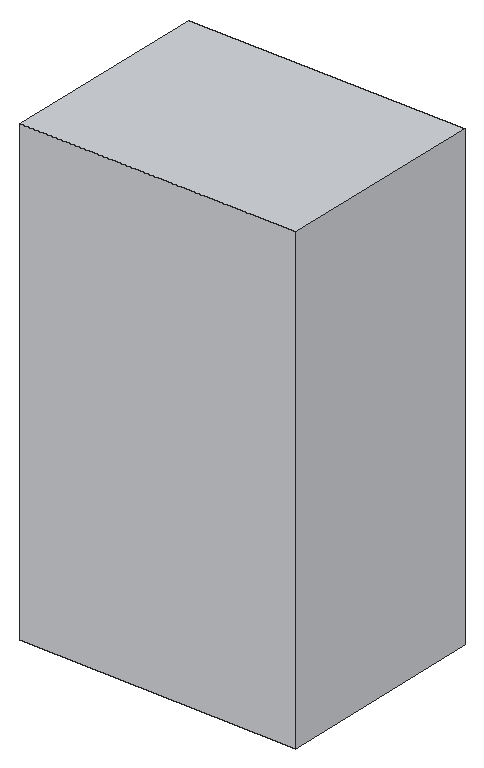
Revit family
Parameters
  Warranty Duration (Years) = 0
  Unit Width [instance] = 0' - 2"
  Unit Height [instance] = 0' - 2"
  Unit Depth = 0' - 2 1/2"
  URL = "http://www.americanspecialties.com/viewCategories.cfm"
  Trim Material = Metal - Stainless Steel
  Test Data = ""
  Specification = "http://www.arcat.com/sdspecs/htm/10810asi.htm"
  SpecWizard = ""
  Send Message = "http://www.arcat.com/users.pl?action=UserEmail&company=American%20Specialties,%20Inc.&coid=30448&rep=139&fax=914-476-0688&mf="
  Sales Information = "http://www.americanspecialties.com/contact"
  Revision = "R1_10-2010"
  Product Properties = "http://www.americanspecialties.com/datasheets/7385.pdf"
  Product Data = "http://www.arcat.com/arcatcos/cos30/arc30448.html"
  Model = "As Specified in 10 28 13"
  Manufacturer Website = "http://www.americanspecialties.com/viewCategories.cfm"
  Manufacturer Phone - Toll Free = ""
  Manufacturer Phone = "914-476-9000 "
  Manufacturer Fax = "914-476-0688"
  Manufacturer Address = "441 Saw Mill River Rd., Yonkers, NY 10701"
  Manufacturer = "American Specialties, Inc."
  Maintenance Schedule (Months) = 0
  Keynote = "10 28 13"
  Installation-Fabrication = "http://www.americanspecialties.com/products.cfm"
  Green Building-LEED = ""
  Expected Lifespan (Years) = 0
  Drawn By = "Robert S. Weygant. CSI, CDT, SCIP"  # constant formula
  Description = "Toilet Accessory as Specified in 10 28 13"
  Default Elevation = 4' - 0"
  Copyright = "©Arcat Inc."
  Construction Details = "http://www.arcat.com/green/clients/leed_data_30448.html"
  Building Codes = "http://www.americanspecialties.com/products.cfm"
  Body Material = Metal - Stainless Steel
  Assembly Code = "C1030210"
Reference planes (in)
  plane 1 "Center (Front/Back)": y = -3.59776
  plane 2 "Floor Line": z = 0
  plane 3 "Center (Left/Right)": x = -1.40843
  plane 4: z = 49
  plane 5: x = -2.40843
  plane 6: x = -0.40843
  plane 7: z = 48
  plane 8: z = 50
  plane 9: y = -2.59776
  plane 10: y = -4.59776
  plane 11: z = 2.5
Forms (in)
  Extrusion 1, solid
    sketch origin (-3, -9, -6) x (0, 0, -1) y (1, 0, 0)
      loop
        line (-82, 26) -> (-82, -19.34712) -> (-6, -19.34712) -> (-6, 26) -> (-82, 26)
    from 9 to -25.60721
  Extrusion 2, solid, material "Metal - Stainless Steel" <- "Body Material"
    sketch origin (0, 0, 0) x (1, 0, 0) y (0, 1, 0)
      loop
        arc (-2.34593, -2.59776) -> (-2.39013, -2.61606) -> (-2.40843, -2.66026) r 0.0625
        line (-2.40843, -2.66026) -> (-2.40843, -4.53526)
        arc (-2.40843, -4.53526) -> (-2.39013, -4.57945) -> (-2.34593, -4.59776) r 0.0625
        line (-2.34593, -4.59776) -> (-0.47093, -4.59776)
        arc (-0.47093, -4.59776) -> (-0.42674, -4.57945) -> (-0.40843, -4.53526) r 0.0625
        line (-0.40843, -4.53526) -> (-0.40843, -2.66026)
        arc (-0.40843, -2.66026) -> (-0.42674, -2.61606) -> (-0.47093, -2.59776) r 0.0625
        line (-0.47093, -2.59776) -> (-2.34593, -2.59776)
    from 0 to 0.4375
  Extrusion 3, solid, material "Metal - Stainless Steel" <- "Body Material"
    sketch origin (0, 0, 0) x (1, 0, 0) y (0, 1, 0)
      loop
        line (-1.65843, -3.09776) -> (-1.65843, -4.09776) -> (-1.15843, -4.09776) -> (-1.15843, -3.09776) -> (-1.65843, -3.09776)
    from 0.4375 to 2.5
  Sweep 4, solid, material "Metal - Stainless Steel" <- "Body Material"
    path origin (-0.04711, 0, 0) x (1, 0, 0) y (0, 1, 0)
      loop
        line (-1.33383, -3.59776) -> (-0.18118, -3.59776)
        arc (-0.18118, -3.59776) -> (-0.02984, -3.64877) -> (0.05974, -3.781) r 0.25
        line (0.05974, -3.781) -> (0.99495, -7.156)
        arc (0.99495, -7.156) -> (0.95301, -7.3741) -> (0.75402, -7.47276) r 0.25
        line (0.75402, -7.47276) -> (-3.47668, -7.47276)
        arc (-3.47668, -7.47276) -> (-3.67566, -7.3741) -> (-3.7176, -7.156) r 0.25
        line (-3.7176, -7.156) -> (-2.78239, -3.781)
        arc (-2.78239, -3.781) -> (-2.69281, -3.64877) -> (-2.54147, -3.59776) r 0.25
        line (-2.54147, -3.59776) -> (-1.38882, -3.59776)
    profile origin (-2.01226, -3.59776, 0) x (0, 1, 0) y (0, 0, 1)
      loop
        circle (0, 2) r 0.125
  Extrusion 5, void
    sketch origin (4.34424, 0, 0.57479) x (0, 1, 0) y (0, 0, 1)
      loop
        circle (-3.59776, 1.42521) r 0.14063
    from -6.00267 to -5.50267
Cuts and joins
  Extrusion 5 cuts Extrusion 3
Dimensions and locks (in)
  equal spacing: plane 8, plane 4, plane 7
  equal spacing: plane 6, plane 3 "Center (Left/Right)", plane 5
  "Unit Width": plane 6 to plane 5
  "Unit Height": plane 8 to plane 7
  "Default Elevation": plane 7 to plane 2 "Floor Line"
  equal spacing: plane 9, plane 1 "Center (Front/Back)", plane 10
  "Unit Height": plane 9 to plane 10
  "Unit Depth": plane 11 to plane 2 "Floor Line"
  locked: Extrusion 5 to Extrusion 5 at 0.5
  equal spacing: cut or joined group of Extrusion 3, Extrusion 5, plane 3 "Center (Left/Right)", cut or joined group of Extrusion 3, Extrusion 5
  locked: cut or joined group of Extrusion 3, Extrusion 5 to cut or joined group of Extrusion 3, Extrusion 5 at 0.5
  locked: Extrusion 5 to plane 3 "Center (Left/Right)" at 0.25
  aligned and locked: Extrusion 1 to level
  aligned and locked: Extrusion 2 sketch curve to plane 9
  aligned and locked: Extrusion 2 sketch curve to plane 6
  aligned and locked: Extrusion 3 to Extrusion 2
  aligned and locked: Extrusion 2 to level
  aligned and locked: plane 11 to cut or joined group of Extrusion 3, Extrusion 5
Automatic sketch dimensions
  Extrusion 1 sketch curve to Extrusion 1 sketch curve = 6' - 4"
  Extrusion 1 sketch curve to Extrusion 1 sketch curve = 3' - 9.34712"
  Extrusion 2 sketch curve to plane 5 = 0' - 0"
  Extrusion 2 sketch curve to plane 10 = 0' - 0"
  plane 5 to Extrusion 2 sketch curve = 0' - 0 1/16"  (x2)
  Extrusion 2 sketch curve to plane 6 = 0' - 0 1/16"  (x2)
  Extrusion 3 sketch curve to plane 3 "Center (Left/Right)" = 0' - 0 1/4"
  plane 3 "Center (Left/Right)" to Extrusion 3 sketch curve = 0' - 0 1/4"
  plane 1 "Center (Front/Back)" to Extrusion 3 sketch curve = 0' - 0 1/2"
  Extrusion 3 sketch curve to plane 1 "Center (Front/Back)" = 0' - 0 1/2"
  Sweep 4 sketch curve to plane 1 "Center (Front/Back)" = 0' - 0"  (x2)
  Sweep 4 sketch curve to plane 5 = 0' - 1.35627"
  Sweep 4 sketch curve to Sweep 4 sketch curve = 0' - 0.24092"  (x3)
  plane 1 "Center (Front/Back)" to Sweep 4 sketch curve = 0' - 0.18324"  (x2)
  Sweep 4 sketch curve to plane 5 = 0' - 0.42107"
  Sweep 4 sketch curve to plane 5 = 0' - 0.18014"
  Sweep 4 sketch curve to plane 3 "Center (Left/Right)" = 0' - 0.0275"
  plane 3 "Center (Left/Right)" to Sweep 4 sketch curve = 0' - 0.0275"
  plane 6 to Sweep 4 sketch curve = 0' - 0.18014"
  plane 6 to Sweep 4 sketch curve = 0' - 1.11535"
  Sweep 4 sketch curve to plane 10 = 0' - 2.55824"  (x2)
  Sweep 4 sketch curve to Sweep 4 sketch curve = 0' - 0.06676"
  Sweep 4 sketch curve to profile plane = 0' - 0"
  level to Sweep 4 sketch curve = 0' - 2"
  Extrusion 5 sketch curve to plane 1 "Center (Front/Back)" = 0' - 0"
  Extrusion 5 sketch curve to plane 11 = 0' - 0 1/2"
  radius of Sweep 4 sketch curve = 0' - 0 1/8"
  radius of Extrusion 5 sketch curve = 0' - 0 9/64"
